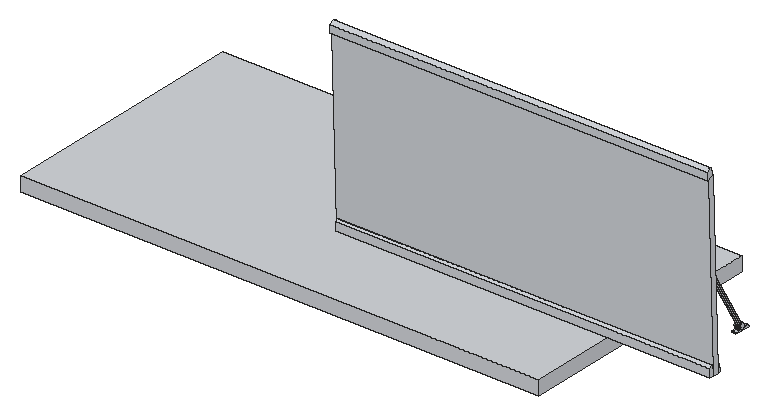
Revit family "F庇ポール付き", category 一般モデル, Revit 2020
Family settings
  ホスト = 面
  鉄筋をホスト可能 = いいえ
  丸型コネクタ寸法 = 直径を使用
  パーツ タイプ = 標準
  ロード時にボイドで切り取り = いいえ
  共有 = いいえ
  部屋計算ポイント = いいえ
Parameters
  説明 = "グロンダートの顔ともいえる、重厚で風格に満ちたFシリーズの出幅が250～3,000mmまで幅広く対応。"  # constant formula
  製造元 = "株式会社ツヅキ"  # constant formula
  断面図表記 先端樋なし = yes
  断面図表記 先端樋あり = no
  断面図表記 上部ブラケット小 = yes
  断面図表記 上部ブラケット大 = no
  先端樋なし [instance] = yes
  先端樋あり [instance] = no
  上部ブラケット小 [instance] = yes
  上部ブラケット大 [instance] = no
  モデル = "グロンダート　Fシリーズ（サポートポール付）"  # constant formula
  ポール@1500mm [instance] = yes
  ポール@1000mm [instance] = no
  警告：長さL [instance] = or(F庇L寸法 < 600.000 mm, F庇L寸法 > 15000.000 mm)  # no
  警告：出幅D [instance] = or(F庇D寸法 < 600.000 mm, F庇D寸法 > 3000.000 mm)  # no
  注意喚起表示 [instance] = yes
  ポールL寸法 [instance] = B / cos(30.00°) - 35.200 mm  # 1071.580 mm
  ポール取付高さ [instance] = if(実F庇D寸法 > 2850.000 mm, 1196.400 mm, (if(実F庇D寸法 > 2700.000 mm, 1142.200 mm, (if(実F庇D寸法 > 2500.000 mm, 1088.000 mm, (if(実F庇D寸法 > 2350.000 mm, 957.870 mm, (if(実F庇D寸法 > 2200.000 mm, 909.080 mm, (if(実F庇D寸法 > 2000.000 mm, 854.870 mm, (if(実F庇D寸法 > 1800.000 mm, 757.290 mm, (if(実F庇D寸法 > 1500.000 mm, 658.980 mm, (if(実F庇D寸法 > 1200.000 mm, 545.870 mm, (if(実F庇D寸法 > 1000.000 mm, 437.450 mm, (if(実F庇D寸法 > 850.000 mm, 366.980 mm, (if(実F庇D寸法 > 700.000 mm, 326.320 mm, 272.160 mm)))))))))))))))))))))))  # 545.870 mm
  サポートポール数 [instance] = if(F庇L寸法 < 基準サポートポール@ - 500.000 mm, 2, roundup((F庇L寸法 - 500.000 mm) / 基準サポートポール@) + 1)  # 3
  基準サポートポール@ [instance] = if(ポール@1000mm, 1000.000 mm, 1500.000 mm)  # 1500.000 mm
  サポートポール@ [instance] = (F庇L寸法 - 500.000 mm) / (サポートポール数 - 1)  # 1250.000 mm
  実F庇D寸法 [instance] = if(F庇D寸法 < 600.000 mm, 600.000 mm, if(F庇D寸法 > 3001.000 mm, 3000.000 mm, F庇D寸法))  # 1500.000 mm
  既定の高さ = 1219.200 mm
  断面図表記 [instance] = yes
  URL = "https://tuzuki.co.jp/products/#gd"
  F庇L寸法 [instance] = 3000.000 mm
  庇 色 = アルミニウム 6063S-T5 シルバー(R) (株)ツヅキ
  F庇D寸法 [instance] = 1500.000 mm
  本体パネル長さ [instance] = (実F庇D寸法) / cos(2.00°) - 7.675 mm - 66.400 mm  # 1426.839 mm
  パネル吊元-躯体間 = 7.710 mm
  B [instance] = if(実F庇D寸法 > 2850.000 mm, 2157.800 mm, (if(実F庇D寸法 > 2700.000 mm, 2057.900 mm, (if(実F庇D寸法 > 2500.000 mm, 1957.900 mm, (if(実F庇D寸法 > 2350.000 mm, 1718.100 mm, (if(実F庇D寸法 > 2200.000 mm, 1628.100 mm, (if(実F庇D寸法 > 2000.000 mm, 1528.200 mm, (if(実F庇D寸法 > 1800.000 mm, 1348.300 mm, (if(実F庇D寸法 > 1500.000 mm, 1168.400 mm, (if(実F庇D寸法 > 1200.000 mm, 958.500 mm, (if(実F庇D寸法 > 1000.000 mm, 758.700 mm, (if(実F庇D寸法 > 850.000 mm, 628.700 mm, (if(実F庇D寸法 > 700.000 mm, 553.800 mm, 453.900 mm)))))))))))))))))))))))  # 958.500 mm
  A [instance] = F庇L寸法 - 26.000 mm  # 2974.000 mm
Reference planes
  plane 1 "中心(正面/背面)": y = 0
  plane 2: z = 0
  plane 3 "中心(左/右)": x = 0
  plane 4: x = 3000
  plane 5: through (0, -0.753, 7.541) normal (0, -0.9994, -0.0349)
  plane 6: through (0, -17.243, 6.965) normal (0, 0.9994, 0.0349)
  plane 7 "パネル上面": through (0, 17.734, 8.221) normal (0, 0.9994, 0.0349)
  plane 8 "パネル根本": through (0, -16.411, 7.058) normal (0, -0.0349, 0.9994)
  plane 9: through (0, -21.869, -0.812) normal (0, 0.0349, -0.9994)
  plane 10 "パネル先端": through (0, -66.045, 1433.034) normal (0, -0.0349, 0.9994)
  plane 11: z = 1500
  plane 12: x = 2987
  plane 13: z = 30.505
  plane 14: z = 958.5
  plane 15: y = 545.87
  plane 16: x = 13
  plane 17: x = 250
  plane 18: x = 1500
Forms (mm)
  Extrusion 1, solid
    sketch origin (0, 0, 0) x (1, 0, 0) y (0, 1, 0)
      loop
        line (-1950, 1288.72) -> (-1950, -724.969) -> (2172.788, -724.969) -> (2172.788, 1288.72) -> (-1950, 1288.72)
    from 0 to -114.28
Lines and regions (mm)
  model lines, style "SHAPE", not visible
    curve 1: arc (0, 112.002, 62.765) -> (0, 111.929, 62.838) -> (0, 111.902, 62.938) r 0.2
    curve 2: arc (0, 111.902, 65.292) -> (0, 111.99, 65.504) -> (0, 112.202, 65.592) r 0.3
    curve 3: arc (0, 113.636, 65.592) -> (0, 113.742, 65.573) -> (0, 113.834, 65.517) r 0.3
    curve 4: arc (0, 184.202, 3.531) -> (0, 184.354, 3.022) -> (0, 183.962, 2.664) r 0.5
    curve 5: arc (0, 172.953, 0.64) -> (0, 172.185, 0.925) -> (0, 172.07, 1.735) r 0.8
    curve 6: arc (0, 172.07, 1.735) -> (0, 171.883, 4.422) -> (0, 169.615, 5.876) r 3
    curve 7: arc (0, 169.615, 5.876) -> (0, 169.483, 5.86) -> (0, 169.371, 5.789) r 0.3
    curve 8: arc (0, 168.843, 5.262) -> (0, 168.777, 4.875) -> (0, 169.119, 4.683) r 0.34
    curve 9: arc (0, 169.119, 4.683) -> (0, 170.575, 1.619) -> (0, 167.512, 3.076) r 1.8
    curve 10: arc (0, 167.512, 3.076) -> (0, 167.319, 3.418) -> (0, 166.933, 3.351) r 0.34
    curve 11: arc (0, 166.405, 2.823) -> (0, 166.334, 2.711) -> (0, 166.319, 2.58) r 0.3
    curve 12: arc (0, 166.319, 2.58) -> (0, 167.784, 0.305) -> (0, 170.485, 0.135) r 3
    curve 13: arc (0, 170.485, 0.135) -> (0, 171.228, 0.076) -> (0, 171.6, -0.57) r 0.8
    curve 14: arc (0, 172.084, -13.626) -> (0, 172.236, -13.968) -> (0, 172.583, -14.108) r 0.5
    curve 15: arc (0, 172.991, -14.108) -> (0, 173.207, -14.016) -> (0, 173.291, -13.797) r 0.3
    curve 16: arc (0, 173.025, -6.627) -> (0, 172.979, -6.479) -> (0, 172.866, -6.373) r 0.3
    curve 17: arc (0, 172.866, -6.373) -> (0, 172.706, -6.119) -> (0, 172.846, -5.854) r 0.3
    curve 18: arc (0, 172.846, -5.854) -> (0, 172.952, -5.74) -> (0, 172.987, -5.589) r 0.3
    curve 19: arc (0, 172.818, -1.04) -> (0, 172.928, -0.709) -> (0, 173.228, -0.53) r 0.5
    curve 20: arc (0, 186.156, 1.847) -> (0, 186.333, 1.95) -> (0, 186.402, 2.142) r 0.3
    curve 21: arc (0, 186.402, 2.74) -> (0, 186.314, 3.152) -> (0, 186.063, 3.491) r 1
    curve 22: arc (0, 114.486, 66.542) -> (0, 114.178, 66.728) -> (0, 113.825, 66.792) r 1
    curve 23: arc (0, 111.002, 66.792) -> (0, 110.79, 66.704) -> (0, 110.702, 66.492) r 0.3
    curve 24: arc (0, 110.702, 53.592) -> (0, 110.614, 53.38) -> (0, 110.402, 53.292) r 0.3
    curve 25: arc (0, 105.297, 53.292) -> (0, 105.207, 53.278) -> (0, 105.125, 53.238) r 0.3
    curve 26: arc (0, 104.374, 52.712) -> (0, 104.202, 52.658) -> (0, 104.03, 52.712) r 0.3
    curve 27: arc (0, 103.28, 53.238) -> (0, 103.198, 53.278) -> (0, 103.108, 53.292) r 0.3
    curve 28: arc (0, 98.502, 53.292) -> (0, 98.29, 53.204) -> (0, 98.202, 52.992) r 0.3
    curve 29: arc (0, 98.202, 52.892) -> (0, 98.419, 52.344) -> (0, 98.952, 52.094) r 0.8
    curve 30: arc (0, 98.952, 52.094) -> (0, 99.118, 52.031) -> (0, 99.219, 51.887) r 0.3
    curve 31: arc (0, 100.429, 48.176) -> (0, 100.742, 47.716) -> (0, 101.252, 47.494) r 1
    curve 32: arc (0, 101.252, 47.494) -> (0, 101.522, 47.601) -> (0, 101.576, 47.885) r 0.3
    curve 33: arc (0, 100.418, 51.437) -> (0, 100.488, 51.886) -> (0, 100.893, 52.092) r 0.5
    curve 34: arc (0, 102.729, 52.092) -> (0, 102.82, 52.078) -> (0, 102.901, 52.038) r 0.3
    curve 35: arc (0, 103.747, 51.446) -> (0, 103.828, 51.406) -> (0, 103.919, 51.392) r 0.3
    curve 36: arc (0, 104.486, 51.392) -> (0, 104.576, 51.406) -> (0, 104.658, 51.446) r 0.3
    curve 37: arc (0, 105.503, 52.038) -> (0, 105.585, 52.078) -> (0, 105.675, 52.092) r 0.3
    curve 38: arc (0, 107.453, 52.092) -> (0, 107.867, 51.872) -> (0, 107.917, 51.406) r 0.5
    curve 39: arc (0, 107.917, 51.406) -> (0, 107.953, 49.091) -> (0, 109.628, 47.491) r 3
    curve 40: arc (0, 109.628, 47.491) -> (0, 109.759, 47.472) -> (0, 109.886, 47.511) r 0.3
    curve 41: arc (0, 110.532, 47.884) -> (0, 110.697, 48.241) -> (0, 110.416, 48.515) r 0.34
    curve 42: arc (0, 110.416, 48.515) -> (0, 109.802, 51.851) -> (0, 112.384, 49.651) r 1.8
    curve 43: arc (0, 112.384, 49.651) -> (0, 112.482, 49.271) -> (0, 112.872, 49.236) r 0.34
    curve 44: arc (0, 113.519, 49.609) -> (0, 113.616, 49.699) -> (0, 113.665, 49.822) r 0.3
    curve 45: arc (0, 113.665, 49.822) -> (0, 113.376, 51.653) -> (0, 112.066, 52.964) r 3
    curve 46: arc (0, 112.066, 52.964) -> (0, 111.946, 53.075) -> (0, 111.902, 53.231) r 0.3
    curve 47: arc (0, 111.902, 56.646) -> (0, 111.929, 56.746) -> (0, 112.002, 56.819) r 0.2
    curve 48: arc (0, 112.002, 56.819) -> (0, 112.075, 56.892) -> (0, 112.102, 56.992) r 0.2
    curve 49: arc (0, 112.102, 58.592) -> (0, 112.075, 58.692) -> (0, 112.002, 58.765) r 0.2
    curve 50: arc (0, 112.002, 58.765) -> (0, 111.929, 58.838) -> (0, 111.902, 58.938) r 0.2
    curve 51: arc (0, 111.902, 60.646) -> (0, 111.929, 60.746) -> (0, 112.002, 60.819) r 0.2
    curve 52: arc (0, 112.002, 60.819) -> (0, 112.075, 60.892) -> (0, 112.102, 60.992) r 0.2
    curve 53: arc (0, 112.102, 62.592) -> (0, 112.075, 62.692) -> (0, 112.002, 62.765) r 0.2
    curve 54: line (0, 111.902, 62.938) -> (0, 111.902, 65.292)
    curve 55: line (0, 112.202, 65.592) -> (0, 113.636, 65.592)
    curve 56: line (0, 113.834, 65.517) -> (0, 184.202, 3.531)
    curve 57: line (0, 183.962, 2.664) -> (0, 172.953, 0.64)
    curve 58: line (0, 169.371, 5.789) -> (0, 168.843, 5.262)
    curve 59: line (0, 166.933, 3.351) -> (0, 166.405, 2.823)
    curve 60: line (0, 171.6, -0.57) -> (0, 172.084, -13.626)
    curve 61: line (0, 172.583, -14.108) -> (0, 172.991, -14.108)
    curve 62: line (0, 173.291, -13.797) -> (0, 173.025, -6.627)
    curve 63: line (0, 172.987, -5.589) -> (0, 172.818, -1.04)
    curve 64: line (0, 173.228, -0.53) -> (0, 186.156, 1.847)
    curve 65: line (0, 186.402, 2.142) -> (0, 186.402, 2.74)
    curve 66: line (0, 186.063, 3.491) -> (0, 114.486, 66.542)
    curve 67: line (0, 113.825, 66.792) -> (0, 111.002, 66.792)
    curve 68: line (0, 110.702, 66.492) -> (0, 110.702, 53.592)
    curve 69: line (0, 110.402, 53.292) -> (0, 105.297, 53.292)
    curve 70: line (0, 105.125, 53.238) -> (0, 104.374, 52.712)
    curve 71: line (0, 104.03, 52.712) -> (0, 103.28, 53.238)
    curve 72: line (0, 103.108, 53.292) -> (0, 98.502, 53.292)
    curve 73: line (0, 99.219, 51.887) -> (0, 100.429, 48.176)
    curve 74: line (0, 101.576, 47.885) -> (0, 100.418, 51.437)
    curve 75: line (0, 100.893, 52.092) -> (0, 102.729, 52.092)
    curve 76: line (0, 102.901, 52.038) -> (0, 103.747, 51.446)
    curve 77: line (0, 103.919, 51.392) -> (0, 104.486, 51.392)
    curve 78: line (0, 104.658, 51.446) -> (0, 105.503, 52.038)
    curve 79: line (0, 105.675, 52.092) -> (0, 107.453, 52.092)
    curve 80: line (0, 109.886, 47.511) -> (0, 110.532, 47.884)
    curve 81: line (0, 112.872, 49.236) -> (0, 113.519, 49.609)
    curve 82: line (0, 111.902, 53.231) -> (0, 111.902, 56.646)
    curve 83: line (0, 112.102, 56.992) -> (0, 112.102, 58.592)
    curve 84: line (0, 111.902, 58.938) -> (0, 111.902, 60.646)
    curve 85: line (0, 112.102, 60.992) -> (0, 112.102, 62.592)
Dimensions and locks
  plane 9 to plane 8 "パネル根本" = 7.675 mm
  "本体パネル長さ": plane 10 "パネル先端" to plane 8 "パネル根本"
  "実F庇D寸法": plane 11 to level
  plane 13 to level = 30.505 mm
  "B": level to plane 14
  "ポール取付高さ": plane 1 "中心(正面/背面)" to plane 15
  "F庇L寸法": plane 4 to plane 3 "中心(左/右)"
  "A": plane 12 to plane 16
  plane 17 to plane 3 "中心(左/右)" = 250.000 mm
  locked: plane 3 "中心(左/右)" to plane 17 at 250
  equal spacing: group 2, group 3, group 4  (x3)
  plane 18 to plane 17 = 1250.000 mm
  "サポートポール@": plane 18 to plane 17
  locked: plane 16 to plane 3 "中心(左/右)" at 13
  plane 12 to plane 4 = 13.000 mm
  aligned and locked: Extrusion 1 to plane 2
  aligned and locked: level to Extrusion 1
  aligned and locked: plane 8 "パネル根本" to nested 1
  aligned and locked: plane 4 to nested 1
  aligned and locked: plane 10 "パネル先端" to nested 1
  aligned and locked: nested 1 to plane 6
  aligned and locked: plane 15 to nested 2
  aligned and locked: plane 17 to nested 2
  aligned and locked: nested 2 to level
  aligned and locked: plane 18 to nested 3
  aligned and locked: nested 2 to plane 17
  aligned and locked: nested 3 to plane 13
  aligned and locked: nested 3 to nested 2
  aligned and locked: plane 1 "中心(正面/背面)" to nested 6
  aligned and locked: nested 6 to level
  aligned and locked: plane 5 to nested 7
  aligned and locked: nested 7 to plane 10 "パネル先端"
  aligned and locked: nested 6 to plane 16
  aligned and locked: nested 6 to plane 12
  aligned and locked: plane 3 "中心(左/右)" to nested 7
  aligned and locked: plane 4 to nested 7
Automatic sketch dimensions
  Extrusion 1 sketch curve to Extrusion 1 sketch curve = 4122.788 mm
  Extrusion 1 sketch curve to Extrusion 1 sketch curve = 2013.689 mm
Nested families
  nested 1: "パネル本体" at (1500, 0.244, 7.64) x (1, 0, 0) z (0, -0.0349, 0.9994), パネル長さ <- "本体パネル長さ", type "パネル本体"
    with パネル長さ 1426.839 mm, L 3000.000 mm
  nested 2: "サポートポール" at (250, 10.08, 958.516) x (1, 0, 0) z (0, 1, 0), visible <- "断面図表記", type "サポートポール"
    with D 1054.080 mm, C 928.016 mm, A 535.790 mm, B 1071.580 mm
  nested 3: "サポートポール" at (1500, 10.08, 958.521) x (1, 0, 0) z (0, 1, 0), visible <- "断面図表記", type "サポートポール"
    with D 1054.080 mm, C 928.016 mm, A 535.790 mm, B 1071.580 mm
  nested 4: "サポートポール" at (2750, 10.08, 958.526) x (1, 0, 0) z (0, 1, 0), visible <- "断面図表記", type "サポートポール"
    with D 1054.080 mm, C 928.016 mm, A 535.790 mm, B 1071.580 mm
  nested 5: "注意表示_F庇 ポール付き" at (250, -923.761, 0), type "F庇ポール付き D600-3000"
  nested 6: "上部ブラケット" at (1500, 0, 0), 上部ブラケット大 <- "上部ブラケット大", 上部ブラケット小 <- "上部ブラケット小", type "上部ブラケット大"
    with 上部ブラケット小 yes, 上部ブラケット大 no, L 2974.000 mm
  nested 7: "樋" at (1500, -50.551, 1433.575) x (1, 0, 0) z (0, -0.0349, 0.9994), 先端樋あり <- "先端樋あり", 先端樋なし <- "先端樋なし", type "樋なし"
    with 先端樋なし yes, 先端樋あり no, 断面図表記 先端樋あり no, L 3000.000 mm
Definition of nested family "パネル本体"
  Parameters (values of type "パネル本体")
    Default Elevation = 1219.200 mm
    庇 色 = none
    パネル長さ [instance] = 2500.000 mm
    L = 2800.000 mm
  Reference planes
    plane 1 "中心(正面/背面)": y = 0
    plane 2: z = 0
    plane 3 "中心(左/右)": x = 0
    plane 4: y = -17.5
    plane 5: y = 17.5
    plane 6: z = 2500
    plane 7: x = -1400
    plane 8: x = 1400
  Forms (mm)
    Extrusion 1, solid
      sketch origin (0, 0, 0) x (1, 0, 0) y (0, 1, 0)
        loop
          line (-1950, 1219.2) -> (-1950, -1219.2) -> (2172.788, -1219.2) -> (2172.788, 1219.2) -> (-1950, 1219.2)
      from 0 to -114.28
    Extrusion 2, solid, material <- "庇 色"
      sketch origin (0, 0, 0) x (0, 1, 0) y (0, 0, 1)
        loop
          line (-17.5, 0) -> (17.5, 0) -> (17.5, 2500) -> (-17.5, 2500) -> (-17.5, 0)
      from -1400 to 1400
  Lines and regions (mm)
    model lines, not visible
      curve 1: arc (0, 112.002, 62.765) -> (0, 111.929, 62.838) -> (0, 111.902, 62.938) r 0.2
      curve 2: arc (0, 111.902, 65.292) -> (0, 111.99, 65.504) -> (0, 112.202, 65.592) r 0.3
      curve 3: arc (0, 113.636, 65.592) -> (0, 113.742, 65.573) -> (0, 113.834, 65.517) r 0.3
      curve 4: arc (0, 184.202, 3.531) -> (0, 184.354, 3.022) -> (0, 183.962, 2.664) r 0.5
      curve 5: arc (0, 172.953, 0.64) -> (0, 172.185, 0.925) -> (0, 172.07, 1.735) r 0.8
      curve 6: arc (0, 172.07, 1.735) -> (0, 171.883, 4.422) -> (0, 169.615, 5.876) r 3
      curve 7: arc (0, 169.615, 5.876) -> (0, 169.483, 5.86) -> (0, 169.371, 5.789) r 0.3
      curve 8: arc (0, 168.843, 5.262) -> (0, 168.777, 4.875) -> (0, 169.119, 4.683) r 0.34
      curve 9: arc (0, 169.119, 4.683) -> (0, 170.575, 1.619) -> (0, 167.512, 3.076) r 1.8
      curve 10: arc (0, 167.512, 3.076) -> (0, 167.319, 3.418) -> (0, 166.933, 3.351) r 0.34
      curve 11: arc (0, 166.405, 2.823) -> (0, 166.334, 2.711) -> (0, 166.319, 2.58) r 0.3
      curve 12: arc (0, 166.319, 2.58) -> (0, 167.784, 0.305) -> (0, 170.485, 0.135) r 3
      curve 13: arc (0, 170.485, 0.135) -> (0, 171.228, 0.076) -> (0, 171.6, -0.57) r 0.8
      curve 14: arc (0, 172.084, -13.626) -> (0, 172.236, -13.968) -> (0, 172.583, -14.108) r 0.5
      curve 15: arc (0, 172.991, -14.108) -> (0, 173.207, -14.016) -> (0, 173.291, -13.797) r 0.3
      curve 16: arc (0, 173.025, -6.627) -> (0, 172.979, -6.479) -> (0, 172.866, -6.373) r 0.3
      curve 17: arc (0, 172.866, -6.373) -> (0, 172.706, -6.119) -> (0, 172.846, -5.854) r 0.3
      curve 18: arc (0, 172.846, -5.854) -> (0, 172.952, -5.74) -> (0, 172.987, -5.589) r 0.3
      curve 19: arc (0, 172.818, -1.04) -> (0, 172.928, -0.709) -> (0, 173.228, -0.53) r 0.5
      curve 20: arc (0, 186.156, 1.847) -> (0, 186.333, 1.95) -> (0, 186.402, 2.142) r 0.3
      curve 21: arc (0, 186.402, 2.74) -> (0, 186.314, 3.152) -> (0, 186.063, 3.491) r 1
      curve 22: arc (0, 114.486, 66.542) -> (0, 114.178, 66.728) -> (0, 113.825, 66.792) r 1
      curve 23: arc (0, 111.002, 66.792) -> (0, 110.79, 66.704) -> (0, 110.702, 66.492) r 0.3
      curve 24: arc (0, 110.702, 53.592) -> (0, 110.614, 53.38) -> (0, 110.402, 53.292) r 0.3
      curve 25: arc (0, 105.297, 53.292) -> (0, 105.207, 53.278) -> (0, 105.125, 53.238) r 0.3
      curve 26: arc (0, 104.374, 52.712) -> (0, 104.202, 52.658) -> (0, 104.03, 52.712) r 0.3
      curve 27: arc (0, 103.28, 53.238) -> (0, 103.198, 53.278) -> (0, 103.108, 53.292) r 0.3
      curve 28: arc (0, 98.502, 53.292) -> (0, 98.29, 53.204) -> (0, 98.202, 52.992) r 0.3
      curve 29: arc (0, 98.202, 52.892) -> (0, 98.419, 52.344) -> (0, 98.952, 52.094) r 0.8
      curve 30: arc (0, 98.952, 52.094) -> (0, 99.118, 52.031) -> (0, 99.219, 51.887) r 0.3
      curve 31: arc (0, 100.429, 48.176) -> (0, 100.742, 47.716) -> (0, 101.252, 47.494) r 1
      curve 32: arc (0, 101.252, 47.494) -> (0, 101.522, 47.601) -> (0, 101.576, 47.885) r 0.3
      curve 33: arc (0, 100.418, 51.437) -> (0, 100.488, 51.886) -> (0, 100.893, 52.092) r 0.5
      curve 34: arc (0, 102.729, 52.092) -> (0, 102.82, 52.078) -> (0, 102.901, 52.038) r 0.3
      curve 35: arc (0, 103.747, 51.446) -> (0, 103.828, 51.406) -> (0, 103.919, 51.392) r 0.3
      curve 36: arc (0, 104.486, 51.392) -> (0, 104.576, 51.406) -> (0, 104.658, 51.446) r 0.3
      curve 37: arc (0, 105.503, 52.038) -> (0, 105.585, 52.078) -> (0, 105.675, 52.092) r 0.3
      curve 38: arc (0, 107.453, 52.092) -> (0, 107.867, 51.872) -> (0, 107.917, 51.406) r 0.5
      curve 39: arc (0, 107.917, 51.406) -> (0, 107.953, 49.091) -> (0, 109.628, 47.491) r 3
      curve 40: arc (0, 109.628, 47.491) -> (0, 109.759, 47.472) -> (0, 109.886, 47.511) r 0.3
      curve 41: arc (0, 110.532, 47.884) -> (0, 110.697, 48.241) -> (0, 110.416, 48.515) r 0.34
      curve 42: arc (0, 110.416, 48.515) -> (0, 109.802, 51.851) -> (0, 112.384, 49.651) r 1.8
      curve 43: arc (0, 112.384, 49.651) -> (0, 112.482, 49.271) -> (0, 112.872, 49.236) r 0.34
      curve 44: arc (0, 113.519, 49.609) -> (0, 113.616, 49.699) -> (0, 113.665, 49.822) r 0.3
      curve 45: arc (0, 113.665, 49.822) -> (0, 113.376, 51.653) -> (0, 112.066, 52.964) r 3
      curve 46: arc (0, 112.066, 52.964) -> (0, 111.946, 53.075) -> (0, 111.902, 53.231) r 0.3
      curve 47: arc (0, 111.902, 56.646) -> (0, 111.929, 56.746) -> (0, 112.002, 56.819) r 0.2
      curve 48: arc (0, 112.002, 56.819) -> (0, 112.075, 56.892) -> (0, 112.102, 56.992) r 0.2
      curve 49: arc (0, 112.102, 58.592) -> (0, 112.075, 58.692) -> (0, 112.002, 58.765) r 0.2
      curve 50: arc (0, 112.002, 58.765) -> (0, 111.929, 58.838) -> (0, 111.902, 58.938) r 0.2
      curve 51: arc (0, 111.902, 60.646) -> (0, 111.929, 60.746) -> (0, 112.002, 60.819) r 0.2
      curve 52: arc (0, 112.002, 60.819) -> (0, 112.075, 60.892) -> (0, 112.102, 60.992) r 0.2
      curve 53: arc (0, 112.102, 62.592) -> (0, 112.075, 62.692) -> (0, 112.002, 62.765) r 0.2
      curve 54: line (0, 111.902, 62.938) -> (0, 111.902, 65.292)
      curve 55: line (0, 112.202, 65.592) -> (0, 113.636, 65.592)
      curve 56: line (0, 113.834, 65.517) -> (0, 184.202, 3.531)
      curve 57: line (0, 183.962, 2.664) -> (0, 172.953, 0.64)
      curve 58: line (0, 169.371, 5.789) -> (0, 168.843, 5.262)
      curve 59: line (0, 166.933, 3.351) -> (0, 166.405, 2.823)
      curve 60: line (0, 171.6, -0.57) -> (0, 172.084, -13.626)
      curve 61: line (0, 172.583, -14.108) -> (0, 172.991, -14.108)
      curve 62: line (0, 173.291, -13.797) -> (0, 173.025, -6.627)
      curve 63: line (0, 172.987, -5.589) -> (0, 172.818, -1.04)
      curve 64: line (0, 173.228, -0.53) -> (0, 186.156, 1.847)
      curve 65: line (0, 186.402, 2.142) -> (0, 186.402, 2.74)
      curve 66: line (0, 186.063, 3.491) -> (0, 114.486, 66.542)
      curve 67: line (0, 113.825, 66.792) -> (0, 111.002, 66.792)
      curve 68: line (0, 110.702, 66.492) -> (0, 110.702, 53.592)
      curve 69: line (0, 110.402, 53.292) -> (0, 105.297, 53.292)
      curve 70: line (0, 105.125, 53.238) -> (0, 104.374, 52.712)
      curve 71: line (0, 104.03, 52.712) -> (0, 103.28, 53.238)
      curve 72: line (0, 103.108, 53.292) -> (0, 98.502, 53.292)
      curve 73: line (0, 99.219, 51.887) -> (0, 100.429, 48.176)
      curve 74: line (0, 101.576, 47.885) -> (0, 100.418, 51.437)
      curve 75: line (0, 100.893, 52.092) -> (0, 102.729, 52.092)
      curve 76: line (0, 102.901, 52.038) -> (0, 103.747, 51.446)
      curve 77: line (0, 103.919, 51.392) -> (0, 104.486, 51.392)
      curve 78: line (0, 104.658, 51.446) -> (0, 105.503, 52.038)
      curve 79: line (0, 105.675, 52.092) -> (0, 107.453, 52.092)
      curve 80: line (0, 109.886, 47.511) -> (0, 110.532, 47.884)
      curve 81: line (0, 112.872, 49.236) -> (0, 113.519, 49.609)
      curve 82: line (0, 111.902, 53.231) -> (0, 111.902, 56.646)
      curve 83: line (0, 112.102, 56.992) -> (0, 112.102, 58.592)
      curve 84: line (0, 111.902, 58.938) -> (0, 111.902, 60.646)
      curve 85: line (0, 112.102, 60.992) -> (0, 112.102, 62.592)
  Dimensions and locks
    equal spacing: plane 4, plane 1 "中心(正面/背面)", plane 5
    plane 4 to plane 5 = 35.000 mm
    "パネル長さ": plane 6 to level
    equal spacing: plane 7, plane 3 "中心(左/右)", plane 8
    "L": plane 7 to plane 8
    aligned and locked: Extrusion 1 to plane 2
    aligned and locked: level to Extrusion 1
    aligned and locked: Extrusion 2 sketch curve to level
    aligned and locked: plane 6 to Extrusion 2 sketch curve
    aligned and locked: plane 8 to Extrusion 2
    aligned and locked: Extrusion 2 to plane 7
    aligned and locked: Extrusion 2 to plane 4
    aligned and locked: Extrusion 2 to plane 5
  Automatic sketch dimensions
    Extrusion 1 sketch curve to Extrusion 1 sketch curve = 4122.788 mm
    Extrusion 1 sketch curve to Extrusion 1 sketch curve = 2438.400 mm
    Extrusion 2 sketch curve to plane 4 = 0.000 mm
    Extrusion 2 sketch curve to plane 5 = 0.000 mm
Definition of nested family "サポートポール"
  Parameters (values of type "サポートポール")
    色 = none
    Default Elevation = 0.000 mm
    断面図表示 = yes
    D = B - 27.500 mm + 10.000 mm  # 1054.311 mm
    C = B * cos(30.00°)  # 928.216 mm
    A = B * sin(30.00°)  # 535.906 mm
    B = 1071.811 mm
  Reference planes
    plane 1 "中心(正面/背面)": y = 0
    plane 2: z = 0
    plane 3 "中心(左/右)": x = 0
    plane 4: through (4267.2, -2.112, 3.657) normal (0, -0.866, -0.5)
    plane 5 "ポール先端": through (4267.2, -312.839, 521.852) normal (0, 0.866, 0.5)
    plane 6: through (4267.2, 943.57, 509.311) normal (0, -0.866, -0.5)
    plane 7: z = 535.906
    plane 8: through (4267.2, 1180.348, 44.199) normal (0, -0.866, -0.5)
    plane 9: y = 928.216
    plane 10 "パネル面": through (4267.2, -49.08, -22.353) normal (0, -0.0349, 0.9994)
    plane 11: through (4267.2, 0, 4.876) normal (0, -0.5, 0.866)
  Dimensions and locks
    locked: plane 5 "ポール先端" to plane 4 at 10
    "B": plane 4 to plane 6
    plane 8 to plane 6 = 27.500 mm
    "C": plane 1 "中心(正面/背面)" to plane 9
    "A": plane 7 to plane 2
    aligned and locked: plane 2 to level
    aligned and locked: plane 6 to nested 3
    aligned and locked: plane 8 to nested 3
    aligned and locked: nested 4 to plane 8  (x2)
    aligned and locked: nested 2 to plane 6
  Nested families
    nested 1: "下部ブラケット" at (0, 0, 0), type "下部ブラケット"
    nested 2: "上部ブラケット" at (0, 928.216, 535.905), type "上部ブラケット"
    nested 3: "コ型ブラケット" at (0, 928.216, 535.905), type "コ型ブラケット"
    nested 4: "サポートポール(外)" at (0, -8.661, -5) x (0, -0.5, 0.866) z (0, 0.866, 0.5), type "サポートポール(外)"
      with ポール長さ 1054.311 mm
  Definition of nested family "下部ブラケット"
    Parameters (values of type "下部ブラケット")
      色 = none
      Default Elevation = 0.000 mm
      断面図表示 = yes
    Reference planes
      plane 1 "中心(正面/背面)": y = 0
      plane 2: z = 0
      plane 3 "中心(左/右)": x = 0
      plane 4 "下部ブラケット正面": through (4267.2, -50.563, 15.245) normal (0, 0.9994, 0.0349)
      plane 5: through (4267.2, 16.396, 17.583) normal (0, 0.9994, 0.0349)
    Forms (mm)
      Extrusion 1, solid, material <- "色"
        sketch origin (0, 0, 0) x (0, 1, 0) y (0, 0, 1)
          loop
            line (-49.08, -27.229) -> (17.88, -24.891) -> (16.396, 17.583) -> (-50.563, 15.245) -> (-49.08, -27.229)
        from -45 to 45
      Extrusion 2, void
        sketch origin (0, -49.97, -1.745) x (0, -0.034899, 0.999391) y (1, 0, 0)
          loop
            line (17, -45) -> (17, -15.5) -> (-17, -15.5) -> (-17, -45) -> (17, -45)
          loop
            line (-17, 45) -> (-17, 15.5) -> (17, 15.5) -> (17, 45) -> (-17, 45)
          loop
            line (17, 0) -> (17, 8.5) -> (-17, 8.5) -> (-17, -8.5) -> (17, -8.5) -> (17, 0)
        from 0 to 67
    Cuts and joins
      Extrusion 2 cuts Extrusion 1
    Dimensions and locks
      aligned and locked: level to plane 2
  Definition of nested family "上部ブラケット"
    Parameters (values of type "上部ブラケット")
      色 = none
      Default Elevation = 0.000 mm
      断面図表示 = yes
    Reference planes
      plane 1 "中心(正面/背面)": y = 0
      plane 2: z = 0
      plane 3 "中心(左/右)": x = 0
      plane 4: x = -17.5
      plane 5: x = 17.5
      plane 6: z = -32.679
      plane 7: z = 47.321
    Forms (mm)
      Extrusion 1, solid, material <- "色"
        sketch origin (0, 0, 0) x (0, 1, 0) y (0, 0, 1)
          loop
            line (18, 24.537) -> (6.865, 18.109) -> (-6.125, 10.609)
            arc (-6.125, 10.609) -> (-11.836, -3.158) -> (-0.026, -12.25) r 12.25
            line (-0.026, -12.25) -> (13.782, -12.25) -> (16, -12.25)
            arc (16, -12.25) -> (20.243, -14.007) -> (22, -18.25) r 6
            line (22, -18.25) -> (22, -50.7)
            arc (22, -50.7) -> (22.586, -52.114) -> (24, -52.7) r 2
            line (24, -52.7) -> (30.5, -52.7) -> (30.5, 67.3) -> (24, 67.3)
            arc (24, 67.3) -> (22.586, 66.714) -> (22, 65.3) r 2
            line (22, 65.3) -> (22, 31.466)
            arc (22, 31.466) -> (20.928, 27.466) -> (18, 24.537) r 8
          loop
            line (17.5, 16.166) -> (10.437, 12.088)
            arc (10.437, 12.088) -> (8.99, 10.05) -> (9.589, 7.623) r 3
            arc (9.589, 7.623) -> (11.932, 2.774) -> (11.969, -2.611) r 12.25
            arc (11.969, -2.611) -> (12.563, -5.132) -> (14.9, -6.25) r 3
            line (14.9, -6.25) -> (19, -6.25)
            arc (19, -6.25) -> (19.859, -6.125) -> (20.645, -5.759) r 3
            arc (20.645, -5.759) -> (21.64, -4.676) -> (22, -3.25) r 3
            line (22, -3.25) -> (22, 13.568)
            arc (22, 13.568) -> (20.5, 16.166) -> (17.5, 16.166) r 3
        from -17.5 to 17.5
    Dimensions and locks
      equal spacing: plane 4, plane 3 "中心(左/右)", plane 5
      plane 4 to plane 5 = 35.000 mm
      aligned and locked: level to plane 2
      aligned and locked: Extrusion 1 to plane 4
      aligned and locked: plane 5 to Extrusion 1
      aligned and locked: import instance to level
      aligned and locked: import instance to plane 1 "中心(正面/背面)"
    Automatic sketch dimensions
      Extrusion 1 sketch curve to plane 1 "中心(正面/背面)" = 6.865 mm
      level to Extrusion 1 sketch curve = 18.109 mm
      plane 1 "中心(正面/背面)" to Extrusion 1 sketch curve = 6.125 mm
      Extrusion 1 sketch curve to Extrusion 1 sketch curve = 11.135 mm
      level to Extrusion 1 sketch curve = 10.609 mm
      Extrusion 1 sketch curve to Extrusion 1 sketch curve = 6.429 mm
      Extrusion 1 sketch curve to level = 0.000 mm
      Extrusion 1 sketch curve to plane 1 "中心(正面/背面)" = 0.000 mm
      plane 1 "中心(正面/背面)" to Extrusion 1 sketch curve = 0.026 mm
      Extrusion 1 sketch curve to plane 1 "中心(正面/背面)" = 13.782 mm
      Extrusion 1 sketch curve to Extrusion 1 sketch curve = 2.218 mm
      Extrusion 1 sketch curve to Extrusion 1 sketch curve = 6.000 mm
      Extrusion 1 sketch curve to plane 6 = 18.021 mm
      Extrusion 1 sketch curve to Extrusion 1 sketch curve = 2.000 mm  (x2)
      Extrusion 1 sketch curve to Extrusion 1 sketch curve = 6.500 mm  (x2)
      plane 7 to Extrusion 1 sketch curve = 17.979 mm
      Extrusion 1 sketch curve to Extrusion 1 sketch curve = 6.928 mm
      Extrusion 1 sketch curve to Extrusion 1 sketch curve = 0.500 mm
      Extrusion 1 sketch curve to Extrusion 1 sketch curve = 1.500 mm  (x2)
      Extrusion 1 sketch curve to Extrusion 1 sketch curve = 10.970 mm
      Extrusion 1 sketch curve to Extrusion 1 sketch curve = 2.598 mm
      Extrusion 1 sketch curve to Extrusion 1 sketch curve = 3.572 mm
      Extrusion 1 sketch curve to Extrusion 1 sketch curve = 6.021 mm
      Extrusion 1 sketch curve to level = 3.250 mm
      Extrusion 1 sketch curve to Extrusion 1 sketch curve = 3.000 mm  (x2)
      Extrusion 1 sketch curve to Extrusion 1 sketch curve = 1.355 mm
      Extrusion 1 sketch curve to Extrusion 1 sketch curve = 0.000 mm  (x4)
      Extrusion 1 sketch curve to Extrusion 1 sketch curve = 4.100 mm
      Extrusion 1 sketch curve to level = 2.611 mm
      Extrusion 1 sketch curve to Extrusion 1 sketch curve = 0.848 mm
  Definition of nested family "コ型ブラケット"
    Parameters (values of type "コ型ブラケット")
      色 = none
      Default Elevation = 0.000 mm
      断面図表示 = yes
    Reference planes
      plane 1 "中心(正面/背面)": y = 0
      plane 2: z = 0
      plane 3 "中心(左/右)": x = 0
      plane 4 "コ型ブラケット正面": through (4267.2, -32.566, 1.405) normal (0, -0.5, 0.866)
      plane 5: through (4267.2, 20.441, -8.405) normal (0, -0.5, 0.866)
      plane 6: x = -22.7
      plane 7: x = 22.7
    Forms (mm)
      Extrusion 1, solid, material <- "色"
        sketch origin (0, 0, 0) x (0, 1, 0) y (0, 0, 1)
          loop
            line (-32.566, 1.405) -> (-15.066, -28.905) -> (20.441, -8.405) -> (20.99, -6.356) -> (4.99, 21.356) -> (2.941, 21.905) -> (-32.566, 1.405)
        from -22.7 to 22.7
      Extrusion 2, void
        sketch origin (0, -8.75, 15.155) x (0, -0.866025, -0.5) y (1, 0, 0)
          loop
            line (27.5, -15) -> (24.5, -15) -> (16.8, -22.7) -> (27.5, -22.7) -> (27.5, -15)
          loop
            line (22.5, 0) -> (22.5, 9.25) -> (20.964, 9.25) -> (20.964, 11.464) -> (14.729, 17.7) -> (-13.5, 17.7) -> (-15, 19.2) -> (-15, 0) -> (-15, -19.2) -> (-13.5, -17.7) -> (14.729, -17.7) -> (20.964, -11.464) -> (20.964, -9.25) -> (22.5, -9.25) -> (22.5, 0)
          loop
            line (-13.5, -22.7) -> (-15, -21.2) -> (-15, -22.7) -> (-13.5, -22.7)
          loop
            line (27.5, 15) -> (27.5, 22.7) -> (16.8, 22.7) -> (24.5, 15) -> (27.5, 15)
          loop
            line (-13.5, 22.7) -> (-15, 22.7) -> (-15, 21.2) -> (-13.5, 22.7)
        from -35 to 0
    Cuts and joins
      Extrusion 2 cuts Extrusion 1
    Dimensions and locks
      equal spacing: plane 6, plane 3 "中心(左/右)", plane 7
      plane 6 to plane 7 = 45.400 mm
      aligned and locked: level to plane 2
      aligned and locked: Extrusion 1 sketch curve to import instance
      aligned and locked: Extrusion 1 to plane 6
      aligned and locked: plane 7 to Extrusion 1
    Automatic sketch dimensions
      Extrusion 1 sketch curve to plane 4 "コ型ブラケット正面" = 0.000 mm
      Extrusion 1 sketch curve to plane 5 = 0.000 mm
      Extrusion 1 sketch curve to plane 1 "中心(正面/背面)" = 2.941 mm
      Extrusion 1 sketch curve to Extrusion 1 sketch curve = 2.049 mm
      Extrusion 1 sketch curve to level = 8.405 mm
      Extrusion 1 sketch curve to level = 6.356 mm
      Extrusion 1 sketch curve to Extrusion 1 sketch curve = 0.549 mm  (x2)
      Extrusion 2 sketch curve to plane 6 = 0.000 mm  (x2)
      Extrusion 2 sketch curve to plane 7 = 0.000 mm  (x2)
      Extrusion 2 sketch curve to plane 7 = 1.500 mm
      Extrusion 2 sketch curve to Extrusion 2 sketch curve = 0.000 mm  (x2)
      plane 6 to Extrusion 2 sketch curve = 5.000 mm
      Extrusion 2 sketch curve to Extrusion 2 sketch curve = 1.500 mm  (x4)
      Extrusion 2 sketch curve to plane 7 = 5.000 mm
      Extrusion 2 sketch curve to Extrusion 2 sketch curve = 28.229 mm  (x2)
      Extrusion 2 sketch curve to Extrusion 2 sketch curve = 2.071 mm  (x2)
      plane 6 to Extrusion 2 sketch curve = 11.236 mm
      Extrusion 2 sketch curve to Extrusion 2 sketch curve = 6.236 mm  (x2)
      Extrusion 2 sketch curve to Extrusion 2 sketch curve = 1.536 mm
      Extrusion 2 sketch curve to Extrusion 2 sketch curve = 3.536 mm  (x3)
      Extrusion 2 sketch curve to plane 7 = 7.700 mm
      Extrusion 2 sketch curve to Extrusion 2 sketch curve = 3.000 mm  (x2)
      plane 6 to Extrusion 2 sketch curve = 1.500 mm
      Extrusion 2 sketch curve to Extrusion 2 sketch curve = 2.000 mm  (x2)
      Extrusion 2 sketch curve to Extrusion 2 sketch curve = 2.214 mm  (x2)
      Extrusion 2 sketch curve to Extrusion 2 sketch curve = 5.750 mm
      Extrusion 2 sketch curve to plane 3 "中心(左/右)" = 0.000 mm  (x2)
  Definition of nested family "サポートポール(外)"
    Parameters (values of type "サポートポール(外)")
      色 = none
      Default Elevation = 1219.200 mm
      ポール長さ = 1500.000 mm
    Reference planes
      plane 1 "中心(正面/背面)": y = 0
      plane 2: z = 0
      plane 3 "中心(左/右)": x = 0
      plane 4: z = 1500
    Forms (mm)
      Extrusion 1, solid
        sketch origin (0, 0, 0) x (1, 0, 0) y (0, 1, 0)
          loop
            line (-1219.2, 1219.2) -> (-1219.2, -1219.2) -> (1219.2, -1219.2) -> (1219.2, 1219.2) -> (-1219.2, 1219.2)
        from 0 to -304.8
      Extrusion 2, solid, material <- "色"
        sketch origin (0, 0, 0) x (1, 0, 0) y (0, 1, 0)
          loop
            line (-8.747, 12.65) -> (-15.329, 1.25)
            arc (-15.329, 1.25) -> (-15.664, 0) -> (-15.329, -1.25) r 2.5
            line (-15.329, -1.25) -> (-8.747, -12.65)
            arc (-8.747, -12.65) -> (-7.832, -13.565) -> (-6.582, -13.9) r 2.5
            line (-6.582, -13.9) -> (6.582, -13.9)
            arc (6.582, -13.9) -> (7.832, -13.565) -> (8.747, -12.65) r 2.5
            line (8.747, -12.65) -> (15.329, -1.25)
            arc (15.329, -1.25) -> (15.664, 0) -> (15.329, 1.25) r 2.5
            line (15.329, 1.25) -> (8.747, 12.65)
            arc (8.747, 12.65) -> (7.832, 13.565) -> (6.582, 13.9) r 2.5
            line (6.582, 13.9) -> (-6.582, 13.9)
            arc (-6.582, 13.9) -> (-7.832, 13.565) -> (-8.747, 12.65) r 2.5
          loop
            line (-5.485, -9.5) -> (5.485, -9.5) -> (10.97, 0) -> (5.485, 9.5) -> (-5.485, 9.5) -> (-10.97, 0) -> (-5.485, -9.5)
        from 0 to 1500
    Dimensions and locks
      "ポール長さ": plane 4 to level
      aligned and locked: plane 2 to Extrusion 1
      aligned and locked: level to Extrusion 1
      aligned and locked: plane 4 to Extrusion 2
      aligned and locked: Extrusion 2 to level
    Automatic sketch dimensions
      Extrusion 1 sketch curve to Extrusion 1 sketch curve = 2438.400 mm  (x2)
      plane 1 "中心(正面/背面)" to Extrusion 2 sketch curve = 0.000 mm  (x4)
      Extrusion 2 sketch curve to plane 1 "中心(正面/背面)" = 1.250 mm  (x2)
      Extrusion 2 sketch curve to plane 3 "中心(左/右)" = 15.329 mm
      plane 1 "中心(正面/背面)" to Extrusion 2 sketch curve = 1.250 mm  (x2)
      Extrusion 2 sketch curve to Extrusion 2 sketch curve = 2.165 mm  (x6)
      Extrusion 2 sketch curve to Extrusion 2 sketch curve = 2.194 mm  (x2)
      Extrusion 2 sketch curve to plane 3 "中心(左/右)" = 8.747 mm  (x2)
      Extrusion 2 sketch curve to Extrusion 2 sketch curve = 1.097 mm  (x4)
      plane 3 "中心(左/右)" to Extrusion 2 sketch curve = 5.485 mm  (x2)
      Extrusion 2 sketch curve to Extrusion 2 sketch curve = 5.485 mm
      plane 1 "中心(正面/背面)" to Extrusion 2 sketch curve = 9.500 mm
      Extrusion 2 sketch curve to Extrusion 2 sketch curve = 1.900 mm  (x4)
      Extrusion 2 sketch curve to Extrusion 2 sketch curve = 1.250 mm  (x2)
      Extrusion 2 sketch curve to plane 1 "中心(正面/背面)" = 9.500 mm
Definition of nested family "上部ブラケット"
  Parameters (values of type "上部ブラケット大")
    色 = none
    Default Elevation = 1219.200 mm
    断面図表記 上部ブラケット小 = yes
    断面図表記 上部ブラケット大 = no
    上部ブラケット小 [instance] = yes
    上部ブラケット大 [instance] = no
    L = 3474.000 mm
  Types (3): name
    (no name)
    上部ブラケット大
    上部ブラケット小
  Reference planes
    plane 1 "中心(正面/背面)": y = 0
    plane 2: z = 0
    plane 3 "中心(左/右)": x = 0
    plane 4: x = -1737
    plane 5: x = 1737
  Forms (mm)
    Extrusion 1, solid
      sketch origin (0, 0, 0) x (1, 0, 0) y (0, 1, 0)
        loop
          line (-1219.2, 1219.2) -> (-1219.2, -1219.2) -> (1219.2, -1219.2) -> (1219.2, 1219.2) -> (-1219.2, 1219.2)
      from 0 to -304.8
    Extrusion 2, solid, material <- "色", visible <- "上部ブラケット大"
      sketch origin (0, 0, 0) x (0, 1, 0) y (0, 0, 1)
        loop
          line (-21.907, 80.395) -> (-43, 64) -> (-43, 0) -> (105, 0) -> (105, 18.948)
          arc (105, 18.948) -> (104.911, 19.36) -> (104.661, 19.699) r 1
          line (104.661, 19.699) -> (32.8, 83) -> (29.3, 83) -> (-21.907, 80.395)
      from -1737 to 1737
    Extrusion 3, solid, material <- "色", visible <- "上部ブラケット小"
      sketch origin (0, 0, 0) x (0, 1, 0) y (0, 0, 1)
        loop
          line (-43, 64) -> (-43, 0) -> (55.954, 0) -> (55.954, 19.124) -> (36.12, 82.3)
          arc (36.12, 82.3) -> (35.758, 82.806) -> (35.166, 83) r 1
          line (35.166, 83) -> (29.4, 83) -> (-21.907, 80.395) -> (-43, 64)
      from -1737 to 1737
  Dimensions and locks
    equal spacing: plane 4, plane 3 "中心(左/右)", plane 5
    "L": plane 4 to plane 5
    aligned and locked: plane 2 to Extrusion 1
    aligned and locked: level to Extrusion 1
    aligned and locked: plane 5 to Extrusion 2
    aligned and locked: Extrusion 2 to plane 4
    aligned and locked: import instance to level
    aligned and locked: Extrusion 3 to level
    aligned and locked: Extrusion 2 to Extrusion 3
    aligned and locked: Extrusion 3 to Extrusion 2
  Automatic sketch dimensions
    Extrusion 1 sketch curve to Extrusion 1 sketch curve = 2438.400 mm  (x2)
    Extrusion 2 sketch curve to level = 0.000 mm
    plane 1 "中心(正面/背面)" to Extrusion 2 sketch curve = 43.000 mm
    plane 1 "中心(正面/背面)" to Extrusion 2 sketch curve = 21.907 mm
    Extrusion 2 sketch curve to plane 1 "中心(正面/背面)" = 29.300 mm
    Extrusion 2 sketch curve to Extrusion 2 sketch curve = 3.500 mm
    level to Extrusion 2 sketch curve = 18.948 mm
    Extrusion 2 sketch curve to Extrusion 2 sketch curve = 71.200 mm
    level to Extrusion 2 sketch curve = 19.699 mm
    Extrusion 2 sketch curve to Extrusion 2 sketch curve = 0.661 mm
    Extrusion 2 sketch curve to Extrusion 2 sketch curve = 64.000 mm
    Extrusion 2 sketch curve to Extrusion 2 sketch curve = 16.395 mm
    Extrusion 2 sketch curve to Extrusion 2 sketch curve = 2.605 mm
    Extrusion 3 sketch curve to level = 0.000 mm
    plane 1 "中心(正面/背面)" to Extrusion 3 sketch curve = 43.000 mm
    level to Extrusion 3 sketch curve = 80.395 mm
    Extrusion 3 sketch curve to Extrusion 3 sketch curve = 21.093 mm
    Extrusion 3 sketch curve to Extrusion 3 sketch curve = 51.307 mm
    Extrusion 3 sketch curve to Extrusion 3 sketch curve = 5.766 mm
    level to Extrusion 3 sketch curve = 82.300 mm
    Extrusion 3 sketch curve to Extrusion 3 sketch curve = 0.954 mm
    Extrusion 3 sketch curve to Extrusion 3 sketch curve = 20.788 mm
    level to Extrusion 3 sketch curve = 19.124 mm
    Extrusion 3 sketch curve to Extrusion 3 sketch curve = 16.395 mm
    Extrusion 3 sketch curve to Extrusion 3 sketch curve = 0.300 mm
Definition of nested family "樋"
  Parameters (values of type "樋なし")
    色 = none
    Default Elevation = 1219.200 mm
    断面図表記 先端樋あり = yes
    断面図表記 先端樋なし = yes
    先端樋なし [instance] = no
    先端樋あり [instance] = yes
    L = 3500.000 mm
  Types (3, lengths in mm): name | 先端樋なし
    (no name) | no
    樋なし | no
    樋あり | yes
  Reference planes
    plane 1 "中心(正面/背面)": y = 0
    plane 2: z = 0
    plane 3 "中心(左/右)": x = 0
    plane 4: x = -1750
    plane 5: x = 1750
  Forms (mm)
    Extrusion 1, solid
      sketch origin (0, 0, 0) x (1, 0, 0) y (0, 1, 0)
        loop
          line (-1219.2, 1219.2) -> (-1219.2, -1219.2) -> (1219.2, -1219.2) -> (1219.2, 1219.2) -> (-1219.2, 1219.2)
      from 0 to -304.8
    Extrusion 2, solid, material <- "色", visible <- "先端樋なし"
      sketch origin (0, 0, 0) x (0, 1, 0) y (0, 0, 1)
        loop
          line (4.561, 64.838) -> (-31.5, 50) -> (-31.5, -7) -> (-17.936, -9.906) -> (-17.936, 0) -> (17.998, 0) -> (7.513, 63.194)
          arc (7.513, 63.194) -> (6.434, 64.727) -> (4.561, 64.838) r 2.159
      from -1750 to 1750
    Extrusion 3, solid, material <- "色", visible <- "先端樋あり"
      sketch origin (0, 0, -2.106) x (0, 1, 0) y (0, 0, 1)
        loop
          line (6.849, 65.779) -> (-31.5, 50) -> (-31.5, -7) -> (-17, -10.107) -> (-17, 2.106) -> (17.657, 2.106) -> (15.303, 15.5) -> (-29.5, 15.5) -> (-29.5, 48.66) -> (5.726, 63.695) -> (6.972, 57.286) -> (8.445, 57.573) -> (6.849, 65.779)
      from -1750 to 1750
  Dimensions and locks
    equal spacing: plane 4, plane 3 "中心(左/右)", plane 5
    "L": plane 4 to plane 5
    aligned and locked: plane 2 to Extrusion 1
    aligned and locked: level to Extrusion 1
    aligned and locked: plane 5 to Extrusion 2
    aligned and locked: Extrusion 2 to plane 4
    aligned and locked: level to import instance
    aligned and locked: import instance to Extrusion 1
    aligned and locked: Extrusion 3 to Extrusion 1
    aligned and locked: Extrusion 3 to plane 4
    aligned and locked: plane 5 to Extrusion 3
  Automatic sketch dimensions
    Extrusion 1 sketch curve to Extrusion 1 sketch curve = 2438.400 mm  (x2)
    Extrusion 2 sketch curve to level = 0.000 mm
    plane 1 "中心(正面/背面)" to Extrusion 2 sketch curve = 17.936 mm
    plane 1 "中心(正面/背面)" to Extrusion 2 sketch curve = 31.500 mm
    Extrusion 2 sketch curve to level = 7.000 mm
    Extrusion 2 sketch curve to level = 9.906 mm
    level to Extrusion 2 sketch curve = 50.000 mm
    Extrusion 2 sketch curve to Extrusion 2 sketch curve = 2.130 mm
    Extrusion 2 sketch curve to Extrusion 2 sketch curve = 12.841 mm
    Extrusion 2 sketch curve to plane 1 "中心(正面/背面)" = 4.561 mm
    Extrusion 2 sketch curve to Extrusion 2 sketch curve = 0.822 mm
    Extrusion 2 sketch curve to Extrusion 2 sketch curve = 1.997 mm
    Extrusion 2 sketch curve to plane 1 "中心(正面/背面)" = 17.998 mm
    plane 1 "中心(正面/背面)" to Extrusion 3 sketch curve = 31.500 mm
    Extrusion 3 sketch curve to Extrusion 3 sketch curve = 2.000 mm
    Extrusion 3 sketch curve to level = 0.000 mm
    Extrusion 3 sketch curve to Extrusion 3 sketch curve = 14.500 mm
    Extrusion 3 sketch curve to Extrusion 3 sketch curve = 35.226 mm
    Extrusion 3 sketch curve to Extrusion 3 sketch curve = 1.123 mm
    Extrusion 3 sketch curve to Extrusion 3 sketch curve = 1.247 mm
    level to Extrusion 3 sketch curve = 55.466 mm
    Extrusion 3 sketch curve to Extrusion 3 sketch curve = 1.472 mm
    level to Extrusion 3 sketch curve = 13.394 mm
    Extrusion 3 sketch curve to Extrusion 3 sketch curve = 32.303 mm
    Extrusion 3 sketch curve to Extrusion 3 sketch curve = 2.354 mm
    Extrusion 3 sketch curve to level = 9.106 mm
    Extrusion 3 sketch curve to Extrusion 3 sketch curve = 12.214 mm
    Extrusion 3 sketch curve to Extrusion 3 sketch curve = 33.160 mm
    Extrusion 3 sketch curve to Extrusion 3 sketch curve = 1.340 mm
    Extrusion 3 sketch curve to Extrusion 3 sketch curve = 0.286 mm
    Extrusion 3 sketch curve to Extrusion 3 sketch curve = 2.084 mm
Definition of nested family "注意表示_F庇 ポール付き"
  Parameters (values of type "F庇ポール付き D600-3000")
    警告文表示 = if(or(警告：出幅D, 警告：長さL, 警告3, 警告4, 警告5, 警告6), "【警告事項】", "")  # ""
    警告文2表示 = if(or(警告：出幅D, 警告：長さL, 警告3, 警告4, 警告5, 警告6), "ご不明な点につきましては弊社までお問い合わせください。", "")  # ""
    警告文1表示 = if(or(警告：出幅D, 警告：長さL, 警告3, 警告4, 警告5, 警告6), "庇L寸法が15000mmを超える場合は10mmのシーリング目地を設けて2分割としてください。", "")  # ""
    警告6 = no
    警告5 = no
    警告4 = no
    警告：出幅D = no
    警告3 = no
    警告：長さL = no
    注意文表示 = "【注意喚起】"  # constant formula
    注意文4 = "　　ご不明な点につきましては弊社までお問い合わせください。※※"  # constant formula
    注意文3 = "※※強度計算は物件ごとに行っております。ポール位置などモデルと異なる場合がございます。"  # constant formula
    注意文2 = "製作および取付不可能なオブジェクトが作成される恐れがございます。"  # constant formula
    注意文1 = "モデルの作成につきまして、適切な数値をご入力いただけない場合、"  # constant formula
    パラメーター6 = if(警告6, "", "")  # ""
    パラメーター5 = if(警告5, "", "")  # ""
    パラメーター4 = if(警告4, "", "")  # ""
    パラメーター3 = if(警告3, "", "")  # ""
    パラメーター2 = if(警告3, "", "")  # ""
    パラメーター1 = if(警告：長さL, "", "")  # ""
  Reference planes
    plane 1: y = 0
    plane 2: x = 0
  Text (mm)
    label "注意文表示\n注意文1\n注意文2\n注意文3\n注意文4\n警告文表示\n警告文1表示\n警告文2表示\nパラメーター1\nパラメーター2\nパラメーター3\nパラメーター4\nパラメーター5\nパラメーター6" at (-24.99, 13.041, 0), shows "注意文表示", "注意文1", "注意文2", "注意文3", "注意文4", "警告文表示", "警告文1表示", "警告文2表示", "パラメーター1", "パラメーター2", "パラメーター3", "パラメーター4", "パラメーター5", "パラメーター6"
